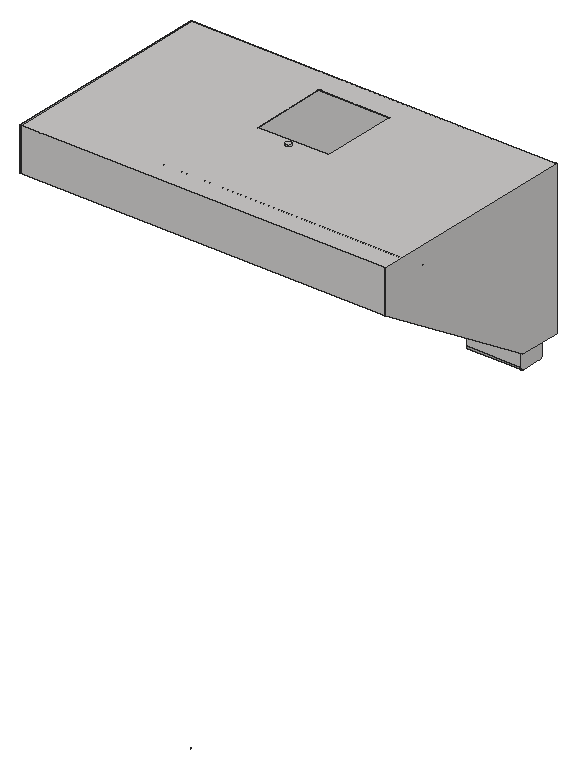
Revit family "QF_ELECTROLUXPROFESSIONAL_644178_AMPV712BT", category Attrezzature speciali, Revit 2021
Family settings
  Quota connettore circolare = Usa diametro
  Tipo di parte = Normale
  Basato su piano di lavoro = No
  Sempre verticale = Sì
  Taglio con vuoti quando caricato = No
  Condiviso = No
  Punto di calcolo locali = No
Parameters (values of type "Standard")
  Weight = 36.00 kg
  Watts = 300 W
  Volts = 0 V
  URL Manufacturer = "https://www.electroluxprofessional.com/"
  URL = "https://www.electroluxprofessional.com/"
  Steam Supply Size = 0 mm
  Steam Supply Minimum Pressure = 0.0 Pa
  Steam Supply Maximum Pressure = 0.0 Pa
  Steam Consumption per Hour = 0
  Refrigeration Suction Line Size = 0 mm
  Refrigeration Liquid Line Size = 0 mm
  Refrigerant Compressor Remote = yes
  Prospetto di default = 0 mm
  Produttore = "Electrolux Professional"
  Phase = 0
  Modello = "AMPV712BT"
  Length Actual = 1200 mm  # constant formula
  Item Number = "644178"
  Hot Water Size = 0 mm
  Height Actual = 500 mm  # constant formula
  HP = "0.4 HP"
  Gas Size = 0 mm
  Gas KW = 0
  Gas Input Pressure = 0 W
  Direct Waste Size = 0 mm
  Descrizione = "430 S/S WALL HOOD+FILTERS+FAN 1200X700MM"
  Depth Actual = 700 mm  # constant formula
  Cycle = 50 Hz
  Condensate Return Size = 0 mm
  Compressed Air Volume = 0.0 L/s
  Compressed Air Size = 0 mm
  Compressed Air Pressure = 0.0 Pa
  Cold Water Size = 0 mm
  Accessory = yes
Reference planes
  plane 1: z = 0
  plane 2 "Center (Left/Right)": x = 150
  plane 3 "LEFT": x = -450
  plane 4 "RIGHT": x = 750
  plane 5 "BACK": y = 550
  plane 6 "Plane": z = 2000
  plane 7 "TOP": z = 2140
  plane 8 "Base": z = 1640
  plane 9: z = 1566
  plane 10 "DrainY": y = 485
  plane 11: x = -447
  plane 12: through (0, 414.509, 1640.8) normal (0, 0.7314, 0.682)
  plane 13: y = 470
  plane 14: y = 220
  plane 15 "DrainX": x = 630
  plane 16: x = 33.5
  plane 17: x = 266.5
  plane 18: x = 747
  plane 19: x = 540
  plane 20: x = -410
  plane 21: x = 710
  plane 22: x = -47.5
  plane 23: x = 347.5
  plane 24 "Center (Front/Back)": y = 200
  plane 25 "Front": y = -150
Forms (mm)
  Extrusion 1, solid, material "QF_Finishes_Stainless Steel"
    sketch origin (-450, 0, 0) x (0, 1, 0) y (0, 0, 1)
      loop
        line (550, 1640) -> (550, 2140) -> (-150, 2140) -> (-150, 1999.112) -> (413.973, 1640) -> (550, 1640)
    from 0 to 3
  Extrusion 2, solid, material "QF_Finishes_Stainless Steel"
    sketch origin (150, 0, 0) x (0, 1, 0) y (0, 0, 1)
      loop
        line (415.255, 1640) -> (550, 1640) -> (550, 2139.19) -> (549.2, 2139.19) -> (549.2, 1640.8) -> (415.876, 1640.8) -> (339.347, 1722.867) -> (349.609, 1732.436) -> (348.927, 1733.167) -> (337.934, 1722.917) -> (415.255, 1640)
      loop
        line (-82.203, 2139.19) -> (-82.203, 2118.6) -> (-31.047, 2118.6) -> (34.354, 2048.466) -> (46.028, 2059.352) -> (45.346, 2060.083) -> (34.403, 2049.879) -> (-30.612, 2119.6) -> (-81.203, 2119.6) -> (-81.203, 2139.19) -> (-82.203, 2139.19)
    from -597 to 597
  Extrusion 3, solid, material "QF_Finishes_Stainless Steel"
    sketch origin (750, 0, 0) x (0, 1, 0) y (0, 0, 1)
      loop
        line (550, 1640) -> (550, 2140) -> (-150, 2140) -> (-150, 1999.112) -> (413.973, 1640) -> (550, 1640)
    from 0 to -3
  Extrusion 4, solid, material "QF_Finishes_Stainless Steel"
    sketch origin (150, 0, 0) x (0, 1, 0) y (0, 0, 1)
      loop
        line (-150, 2140) -> (-150, 2000) -> (-149.2, 2000) -> (-149.2, 2139.19) -> (550, 2139.19) -> (550, 2140) -> (-150, 2140)
    from -600 to 600
  Extrusion 5, solid, material "QF_Finishes_Stainless Steel"
    sketch origin (150, 0, 0) x (0, 1, 0) y (0, 0, 1)
      loop
        line (534, 1640) -> (436, 1640) -> (436, 1627) -> (443.5, 1627) -> (443.5, 1576)
        arc (443.5, 1576) -> (446.429, 1568.929) -> (453.5, 1566) r 10
        line (453.5, 1566) -> (516.5, 1566)
        arc (516.5, 1566) -> (523.571, 1568.929) -> (526.5, 1576) r 10
        line (526.5, 1576) -> (526.5, 1627) -> (534, 1627) -> (534, 1640)
    from 390 to 570
  Extrusion 6, solid, material "QF_Finishes_Stainless Steel"
    sketch origin (0, 0, 1640) x (0, 1, 0) y (-1, 0, 0)
      loop
        circle (485, -630) r 20
    from -76 to -74
  Extrusion 7, solid, material "QF_Finished_Chrome"
    sketch origin (150, 0, 0) x (0, 1, 0) y (0, 0, 1)
      loop
        line (337.934, 1722.917) -> (341.591, 1726.327) -> (38.011, 2051.876) -> (34.354, 2048.466) -> (337.934, 1722.917)
    from -197.5 to -560
  Extrusion 8, solid, material "QF_Finishes_Stainless Steel"
    sketch origin (150, 0, 0) x (0, 1, 0) y (0, 0, 1)
      loop
        line (337.934, 1722.917) -> (341.591, 1726.327) -> (38.011, 2051.876) -> (34.354, 2048.466) -> (337.934, 1722.917)
    from 597 to 560
  Extrusion 9, solid, material "QF_Finished_Chrome"
    sketch origin (150, 0, 0) x (0, 1, 0) y (0, 0, 1)
      loop
        line (341.588, 1726.324) -> (38.009, 2051.874) -> (34.354, 2048.466) -> (337.934, 1722.917) -> (341.588, 1726.324)
    from 197.5 to 560
  Extrusion 10, void
    sketch origin (0, 0, 2140) x (0, 1, 0) y (-1, 0, 0)
      loop
        line (470, -266.5) -> (470, -33.5) -> (220, -33.5) -> (220, -266.5) -> (470, -266.5)
    from 0 to -10
  Extrusion 11, solid, material "QF_Finishes_Stainless Steel"
    sketch origin (0, 0, 0) x (1, 0, 0) y (0, 1, 0)
      loop
        line (-450, 550) -> (-450, 549) -> (-449, 549) -> (-449, 550) -> (-450, 550)
    from 0 to 1
  Extrusion 12, solid, material "QF_Finishes_Stainless Steel"
    sketch origin (150, 0, 0) x (0, 1, 0) y (0, 0, 1)
      loop
        line (337.934, 1722.917) -> (341.591, 1726.327) -> (38.011, 2051.876) -> (34.354, 2048.466) -> (337.934, 1722.917)
    from -560 to -597
  Extrusion 13, solid, material "QF_Finishes_Stainless Steel"
    sketch origin (150, 0, 0) x (0, 1, 0) y (0, 0, 1)
      loop
        line (337.934, 1722.917) -> (341.591, 1726.327) -> (38.011, 2051.876) -> (34.354, 2048.466) -> (337.934, 1722.917)
    from 197.5 to -197.5
  Extrusion 14, solid, material "QF_Finishes_Stainless Steel"
    sketch origin (0, 0, 2140) x (0, 1, 0) y (-1, 0, 0)
      loop
        circle (200, -150) r 10
    from 0 to 2
Cuts and joins
  Extrusion 10 cuts Extrusion 4
  joined: Extrusion 2, Extrusion 4
Lines and regions (mm)
  reference lines
    curve 1: line (150, 34.354, 2048.466) -> (150, 34.354, 1888.466)
  symbolic lines, style "SpecialityEquipment", detail levels coarse
    curve 2: line (750, 550, 2140) -> (-450, 550, 2140)
    curve 3: line (-450, 550, 2140) -> (-450, -150, 2140)
    curve 4: line (750, -150, 2140) -> (750, 550, 2140)
    curve 5: line (-450, -150, 2140) -> (750, -150, 2140)
    curve 6: line (266.5, 220, 2140) -> (33.5, 220, 2140)
    curve 7: line (266.5, 470, 2140) -> (266.5, 220, 2140)
    curve 8: line (33.5, 470, 2140) -> (266.5, 470, 2140)
    curve 9: line (33.5, 220, 2140) -> (33.5, 470, 2140)
  symbolic lines, detail levels coarse
    curve 10: line (-450, -150, 2140) -> (750, 550, 2140)
    curve 11: line (-450, 550, 2140) -> (750, -150, 2140)
Dimensions and locks
  plane 3 "LEFT" to plane 4 "RIGHT" = 1200 mm
  equal spacing: plane 3 "LEFT", plane 2 "Center (Left/Right)", plane 4 "RIGHT"
  locked: plane 6 "Plane" to level at 2000
  plane 7 "TOP" to plane 6 "Plane" = 140 mm
  locked: plane 7 "TOP" to plane 8 "Base" at 500
  plane 8 "Base" to plane 9 = 74 mm
  plane 5 "BACK" to plane 10 "DrainY" = 65 mm  (x2)
  plane 3 "LEFT" to plane 11 = 3 mm
  plane 5 "BACK" to plane 13 = 80 mm
  plane 13 to plane 14 = 250 mm  (x2)
  plane 15 "DrainX" to plane 4 "RIGHT" = 120 mm
  plane 18 to plane 4 "RIGHT" = 3 mm
  locked: plane 19 to plane 15 "DrainX" at 90
  plane 13 to plane 5 "BACK" = 80 mm
  locked: plane 3 "LEFT" to plane 20 at 40
  locked: plane 21 to plane 4 "RIGHT" at 40
  locked: plane 22 to plane 23 at 395
  equal spacing: plane 22, plane 2 "Center (Left/Right)", plane 23
  locked: plane 16 to plane 17 at 233
  equal spacing: plane 16, plane 2 "Center (Left/Right)", plane 17
  locked: plane 5 "BACK" to plane 25 "Front" at 700
  equal spacing: plane 5 "BACK", plane 24 "Center (Front/Back)", plane 25 "Front"
  plane 5 "BACK" to plane 25 "Front" = 700 mm
  aligned and locked: level to plane 1
  aligned and locked: Extrusion 2 to Extrusion 1
  aligned and locked: Extrusion 2 to Extrusion 3
  aligned and locked: plane 4 "RIGHT" to Extrusion 4
  aligned and locked: Extrusion 4 to plane 3 "LEFT"
  aligned and locked: plane 18 to Extrusion 8
  aligned and locked: Extrusion 10 to plane 16
  aligned and locked: Extrusion 10 to plane 14
  aligned and locked: Extrusion 10 to plane 13
  aligned and locked: Extrusion 2 to Extrusion 4
  aligned and locked: Extrusion 5 to plane 19
  aligned and locked: Extrusion 8 to plane 21
  aligned and locked: Extrusion 9 to plane 21
  aligned and locked: Extrusion 7 to plane 20
  aligned and locked: Extrusion 12 to plane 11
  aligned and locked: plane 20 to Extrusion 12
  aligned and locked: Extrusion 3 to plane 18
  aligned and locked: Extrusion 10 to plane 17
  aligned and locked: plane 17 to curve 7
  aligned and locked: plane 23 to Extrusion 13
  aligned and locked: Extrusion 13 to plane 22
  aligned and locked: Extrusion 9 to plane 23
Automatic sketch dimensions
  Extrusion 2 sketch curve to plane 12 = 0 mm  (x3)
  Extrusion 2 sketch curve to plane 8 "Base" = 0 mm
  plane 12 to Extrusion 2 sketch curve = 0 mm
  Extrusion 2 sketch curve to plane 5 "BACK" = 0 mm
  Extrusion 2 sketch curve to Extrusion 2 sketch curve = 65.646 mm
  Extrusion 2 sketch curve to Extrusion 2 sketch curve = 0.682 mm  (x2)
  Extrusion 2 sketch curve to Extrusion 2 sketch curve = 10.261 mm
  plane 8 "Base" to Extrusion 2 sketch curve = 82.917 mm
  Extrusion 2 sketch curve to Extrusion 2 sketch curve = 10.942 mm
  Extrusion 2 sketch curve to Extrusion 2 sketch curve = 0.049 mm
  Extrusion 2 sketch curve to plane 7 "TOP" = 20.4 mm
  Extrusion 2 sketch curve to plane 7 "TOP" = 21.4 mm
  Extrusion 2 sketch curve to plane 7 "TOP" = 0.81 mm  (x2)
  Extrusion 2 sketch curve to Extrusion 2 sketch curve = 50.156 mm
  Extrusion 2 sketch curve to Extrusion 2 sketch curve = 1 mm
  plane 8 "Base" to Extrusion 2 sketch curve = 0.8 mm
  Extrusion 2 sketch curve to plane 5 "BACK" = 0.8 mm
  Extrusion 3 sketch curve to plane 8 "Base" = 0 mm
  Extrusion 3 sketch curve to plane 5 "BACK" = 0 mm
  Extrusion 3 sketch curve to plane 7 "TOP" = 0 mm
  plane 13 to Extrusion 3 sketch curve = 56.027 mm
  Extrusion 3 sketch curve to plane 6 "Plane" = 0.888 mm
  Extrusion 4 sketch curve to plane 6 "Plane" = 0 mm
  Extrusion 4 sketch curve to plane 5 "BACK" = 0 mm
  Extrusion 4 sketch curve to plane 7 "TOP" = 0 mm
  Extrusion 4 sketch curve to plane 7 "TOP" = 0.81 mm
  curve 1 to plane 12 = 0 mm
  curve 1 to plane 6 "Plane" = 111.534 mm
  Extrusion 5 sketch curve to plane 8 "Base" = 0 mm
  Extrusion 5 sketch curve to plane 9 = 0 mm
  Extrusion 5 sketch curve to plane 8 "Base" = 13 mm  (x2)
  plane 13 to Extrusion 5 sketch curve = 34 mm
  Extrusion 5 sketch curve to Extrusion 5 sketch curve = 7.5 mm  (x2)
  Extrusion 5 sketch curve to Extrusion 5 sketch curve = 10 mm
  plane 10 "DrainY" to Extrusion 5 sketch curve = 31.5 mm
  Extrusion 5 sketch curve to plane 5 "BACK" = 23.5 mm
  Extrusion 6 sketch curve to plane 10 "DrainY" = 0 mm
  Extrusion 6 sketch curve to plane 15 "DrainX" = 0 mm
  Extrusion 7 sketch curve to plane 12 = 0 mm  (x2)
  Extrusion 7 sketch curve to Extrusion 7 sketch curve = 3.657 mm
  plane 8 "Base" to Extrusion 7 sketch curve = 82.917 mm
  Extrusion 8 sketch curve to plane 12 = 0 mm  (x2)
  Extrusion 8 sketch curve to Extrusion 8 sketch curve = 3.657 mm
  plane 8 "Base" to Extrusion 8 sketch curve = 82.917 mm
  Extrusion 9 sketch curve to plane 12 = 0 mm  (x2)
  Extrusion 9 sketch curve to Extrusion 9 sketch curve = 3.655 mm
  plane 8 "Base" to Extrusion 9 sketch curve = 82.917 mm
  Extrusion 10 sketch curve to plane 14 = 0 mm
  plane 13 to Extrusion 10 sketch curve = 0 mm
  Extrusion 10 sketch curve to plane 17 = 0 mm
  Extrusion 10 sketch curve to plane 16 = 0 mm
  Extrusion 11 sketch curve to plane 3 "LEFT" = 0 mm
  Extrusion 11 sketch curve to plane 5 "BACK" = 0 mm
  plane 3 "LEFT" to Extrusion 11 sketch curve = 1 mm
  Extrusion 11 sketch curve to Extrusion 11 sketch curve = 1 mm
  Extrusion 12 sketch curve to plane 12 = 0 mm  (x2)
  Extrusion 12 sketch curve to Extrusion 12 sketch curve = 3.657 mm
  plane 8 "Base" to Extrusion 12 sketch curve = 82.917 mm
  Extrusion 13 sketch curve to plane 12 = 0 mm  (x2)
  Extrusion 13 sketch curve to Extrusion 13 sketch curve = 3.657 mm
  plane 8 "Base" to Extrusion 13 sketch curve = 82.917 mm
  Extrusion 4 sketch curve to Extrusion 4 sketch curve = 0.8 mm
  plane 6 "Plane" to Extrusion 2 sketch curve = 48.466 mm
  Extrusion 3 sketch curve to plane 14 = 370 mm
  Extrusion 4 sketch curve to plane 14 = 369.2 mm
  curve 1 to plane 14 = 185.646 mm
  plane 6 "Plane" to Extrusion 7 sketch curve = 51.876 mm
  plane 6 "Plane" to Extrusion 8 sketch curve = 51.876 mm
  plane 6 "Plane" to Extrusion 9 sketch curve = 51.874 mm
  plane 6 "Plane" to Extrusion 12 sketch curve = 51.876 mm
  plane 6 "Plane" to Extrusion 13 sketch curve = 51.876 mm
  Extrusion 1 sketch curve to plane 25 "Front" = 0 mm
  Extrusion 1 sketch curve to plane 8 "Base" = 0 mm
  Extrusion 1 sketch curve to plane 5 "BACK" = 0 mm
  Extrusion 1 sketch curve to plane 7 "TOP" = 0 mm
  plane 13 to Extrusion 1 sketch curve = 56.027 mm
  Extrusion 1 sketch curve to plane 6 "Plane" = 0.888 mm
  Extrusion 14 sketch curve to plane 2 "Center (Left/Right)" = 0 mm
  Extrusion 14 sketch curve to plane 24 "Center (Front/Back)" = 0 mm
  curve 10 to plane 3 "LEFT" = 0 mm
  curve 10 to plane 25 "Front" = 0 mm
  curve 7 to plane 14 = 0 mm
  plane 13 to curve 7 = 0 mm
  curve 3 to plane 5 "BACK" = 0 mm
  curve 2 to plane 4 "RIGHT" = 0 mm
  curve 6 to plane 16 = 0 mm
  radius of Extrusion 6 sketch curve = 20 mm
  radius of Extrusion 14 sketch curve = 10 mm
Connectors
  piping at (630, 485, 1564), diameter 20
    settings: on Extrusion 6, index 1, connector inside diameter 609.6 mm, connector length 0 mm, flow factor 0, pipe flow 0.0 L/s, pressure drop 0.0 Pa, fitting loss kfactor 0, connector angle 0.00°, fixture units 0, engagement length 0 mm, angle of deflection 0.00°, flow configuration 1, flow direction 2, fitting loss method 0, system type 16, joint type 0, gender type 0, connector reference index -1, connector utility 0, adjustable connector no, is connector primary yes, connector description "Drain"
  hvac at (150, 345, 2140)
    settings: on Extrusion 10, index 2, duct flow 0.0 L/s, flow factor 0, pres drop 0.0 Pa, loss coef 0, conn angle 0.00°, conn width 250 mm, conn height 233 mm, conn diameter 609.6 mm, duct sys type 3, conn prof type 1, flow config 0, flow direction 2, loss method 0, conn ref index -1, conn util no, is conn primary yes, conn desc "EXHAUST OUTLET"
  electrical at (150, 200, 2142)
    settings: on Extrusion 14, index 3, voltage 0 V, apparent load 0 VA, apparent load phase1 0 VA, apparent load phase2 0 VA, apparent load phase3 0 VA, power factor 1, load classification "Other", number of poles 1, system type 30, power factor state 1, is connector primary yes, connector utility no, sub classification motor no, connector description "Electrical Connection"
